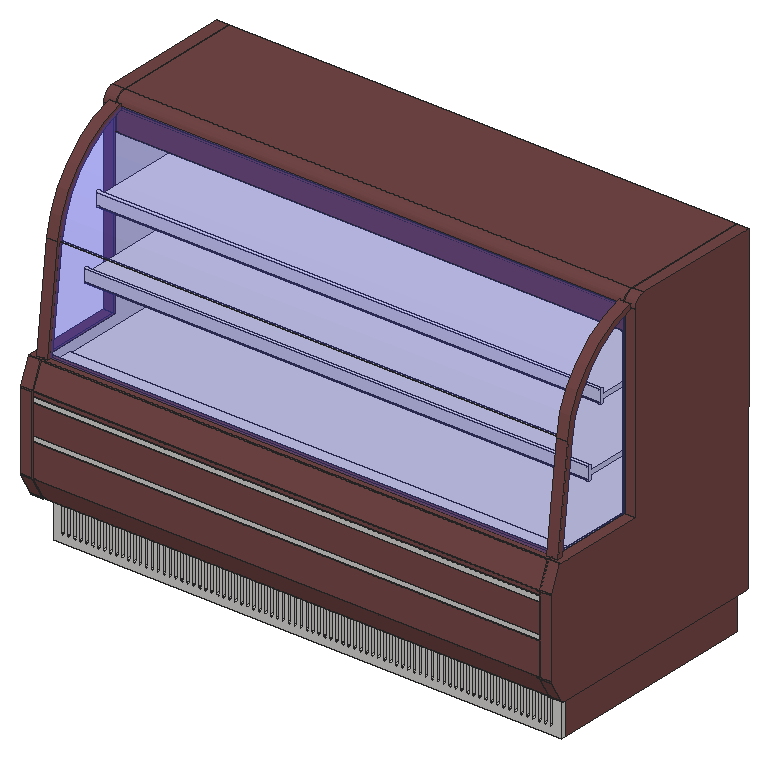
Revit family "QF_Turbo Air_TCGB-72-2", category Specialty Equipment, Revit 2014
Parameters
  Weight in Pounds = 699
  Watermarked By = ""
  Volts = 115 V
  Vent Material = QF_Stainless-Polished
  URL Cutsheet = ""
  URL = "www.turboairinc.com"
  Status [instance] = ""
  Specification by User [instance] = ""
  Specification by Manufacturer [instance] = ""
  Serial Number [instance] = ""
  Revision Code [instance] = ""
  Phase = 1
  Number of Poles [instance] = 1
  NAFEM Spec ID Number [instance] = ""
  Model = "TCGB-72-2"
  Masterspec [instance] = ""
  Manufacturer = "Turbo Air"  # constant formula
  Item Number [instance] = "-"
  Installed By [instance] = ""
  HP = "1/2"
  Furnished By [instance] = ""
  Foodservice Equipment Identifier = yes
  FL Amps = 11 A
  Exterior Material = QF_Plastic-Red Wine
  Electrical Remarks [instance] = ""
  Electric Connection Type [instance] = ""
  Elec Conn RI Height [instance] = 0' - 0"
  Elec Conn Connection Height = 0' - 6"
  Description = "Bakery Case"
  Cycle = 60 Hz
  Conn Plug = "NEMA 5-15P"
  CSI MasterFormat = "11 41 13"
  Assembly Code = "E1090320"
  Apparent Power = if(Phase = 3, Volts * FL Amps * 1.73, Volts * FL Amps)  # 1265 VA
Reference planes (in)
  plane 1 "Handle Back": y = 0
  plane 2: z = 0
  plane 3 "LEFT": x = -16.56573
  plane 4 "RIGHT": x = 55.93427
  plane 5 "FRONT": y = -34.25
  plane 6 "Bottom": z = 0.3125
  plane 7 "Inside Left": x = -14.94073
  plane 8 "Inside Right": x = 54.30927
  plane 9 "BACK": y = -0.75
  plane 10 "Panel Lower": z = 23.25
  plane 11 "Inside Bottom": z = 21.125
  plane 12 "Panel Bottom": z = 6.0625
  plane 13 "TOP": z = 50.125
  plane 14 "Bottom Front": y = -30
  plane 15 "Door Left": x = -13.62823
  plane 16 "Door Right": x = 52.99677
  plane 17 "Lower Shelf": z = 30.6875
  plane 18 "Upper Shelf": z = 39.1875
  plane 19 "Door Top": z = 46.5625
  plane 20 "Door Bottom": z = 22.3125
  plane 21 "CENTER LR": x = 19.68427
Forms (in)
  Extrusion 1, solid, material "QF_Plastic-Red Wine" <- "Exterior Material"
    sketch origin (-16.56573, 0, 0) x (0, 1, 0) y (0, 0, 1)
      loop
        arc (-1.125, 6.0625) -> (-0.85983, 6.17233) -> (-0.75, 6.4375) r 0.375
        line (-0.75, 6.4375) -> (-0.75, 50.125) -> (-18.5, 50.125)
        arc (-18.5, 50.125) -> (-19.56066, 49.68566) -> (-20, 48.625) r 1.5
        line (-20, 48.625) -> (-20, 23.25) -> (-32.77179, 23.25)
        arc (-32.77179, 23.25) -> (-32.8059, 23.23987) -> (-32.82896, 23.21277) r 0.0625
        line (-32.82896, 23.21277) -> (-34.21799, 20.07001)
        arc (-34.21799, 20.07001) -> (-34.24191, 19.99589) -> (-34.25, 19.91842) r 0.375
        line (-34.25, 19.91842) -> (-34.25, 9.41058)
        arc (-34.25, 9.41058) -> (-34.23722, 9.31352) -> (-34.19976, 9.22308) r 0.375
        line (-34.19976, 9.22308) -> (-32.48325, 6.25)
        arc (-32.48325, 6.25) -> (-32.34599, 6.11274) -> (-32.15849, 6.0625) r 0.375
        line (-32.15849, 6.0625) -> (-1.125, 6.0625)
    from 0 to 1.625
  Extrusion 2, solid, material "QF_Plastic-Red Wine" <- "Exterior Material"
    sketch origin (55.93427, 0, 0) x (0, 1, 0) y (0, 0, 1)
      loop
        arc (-1.125, 6.0625) -> (-0.85983, 6.17233) -> (-0.75, 6.4375) r 0.375
        line (-0.75, 6.4375) -> (-0.75, 50.125) -> (-18.5, 50.125)
        arc (-18.5, 50.125) -> (-19.56066, 49.68566) -> (-20, 48.625) r 1.5
        line (-20, 48.625) -> (-20, 23.25) -> (-32.77179, 23.25)
        arc (-32.77179, 23.25) -> (-32.8059, 23.23987) -> (-32.82896, 23.21277) r 0.0625
        line (-32.82896, 23.21277) -> (-34.21799, 20.07001)
        arc (-34.21799, 20.07001) -> (-34.24191, 19.99589) -> (-34.25, 19.91842) r 0.375
        line (-34.25, 19.91842) -> (-34.25, 9.41058)
        arc (-34.25, 9.41058) -> (-34.23722, 9.31352) -> (-34.19976, 9.22308) r 0.375
        line (-34.19976, 9.22308) -> (-32.48325, 6.25)
        arc (-32.48325, 6.25) -> (-32.34599, 6.11274) -> (-32.15849, 6.0625) r 0.375
        line (-32.15849, 6.0625) -> (-1.125, 6.0625)
    from 0 to -1.625
  Extrusion 3, solid, material "QF_Plastic-Red Wine" <- "Exterior Material"
    sketch origin (-14.94073, 0, 0) x (0, 1, 0) y (0, 0, 1)
      loop
        line (-31.625, 23.25) -> (-29.95691, 36.83548)
        arc (-29.95691, 36.83548) -> (-26.72363, 44.11107) -> (-20, 48.375) r 13.75
        line (-20, 48.375) -> (-20, 48.625)
        arc (-20, 48.625) -> (-19.97988, 48.86988) -> (-19.92004, 49.10819) r 1.5
        arc (-19.92004, 49.10819) -> (-27.15455, 44.66306) -> (-30.63919, 36.92003) r 14.4375
        line (-30.63919, 36.92003) -> (-32.31766, 23.25) -> (-31.625, 23.25)
    from -0.875 to 0.625
  Extrusion 4, solid, material "QF_Plastic-Red Wine" <- "Exterior Material"
    sketch origin (54.30927, 0, 0) x (0, 1, 0) y (0, 0, 1)
      loop
        line (-31.625, 23.25) -> (-29.95691, 36.83548)
        arc (-29.95691, 36.83548) -> (-26.72363, 44.11107) -> (-20, 48.375) r 13.75
        line (-20, 48.375) -> (-20, 48.625)
        arc (-20, 48.625) -> (-19.97988, 48.86988) -> (-19.92004, 49.10819) r 1.5
        arc (-19.92004, 49.10819) -> (-27.15455, 44.66306) -> (-30.63919, 36.92003) r 14.4375
        line (-30.63919, 36.92003) -> (-32.31766, 23.25) -> (-31.625, 23.25)
    from 0.875 to -0.625
  Extrusion 5, solid, material "QF_Glass-Cast-Clear"
    sketch origin (-14.94073, 0, 0) x (0, 1, 0) y (0, 0, 1)
      loop
        arc (-20, 48.375) -> (-26.72363, 44.11107) -> (-29.95691, 36.83548) r 13.75
        line (-29.95691, 36.83548) -> (-31.625, 23.25) -> (-20, 23.25) -> (-20, 48.375)
    from 0 to -0.25
  Extrusion 6, solid, material "QF_Glass-Cast-Clear"
    sketch origin (54.30927, 0, 0) x (0, 1, 0) y (0, 0, 1)
      loop
        arc (-20, 48.375) -> (-26.72363, 44.11107) -> (-29.95691, 36.83548) r 13.75
        line (-29.95691, 36.83548) -> (-31.625, 23.25) -> (-20, 23.25) -> (-20, 48.375)
    from 0 to 0.25
  Extrusion 7, solid, material "QF_Plastic-Red Wine" <- "Exterior Material"
    sketch origin (-14.94073, 0, 0) x (0, 1, 0) y (0, 0, 1)
      loop
        line (-0.75, 50.125) -> (-18.5, 50.125)
        arc (-18.5, 50.125) -> (-19.56066, 49.68566) -> (-20, 48.625) r 1.5
        line (-20, 48.625) -> (-20, 45.5)
        arc (-20, 45.5) -> (-19.9375, 45.4375) -> (-19.875, 45.5) r 0.0625
        line (-19.875, 45.5) -> (-19.875, 48.625)
        arc (-19.875, 48.625) -> (-19.81819, 49.01616) -> (-19.65244, 49.375) r 1.375
        line (-19.65244, 49.375) -> (-3.125, 49.375) -> (-3.125, 46.5625) -> (-0.75, 46.5625) -> (-0.75, 50.125)
      loop
        line (-0.75, 14.3125) -> (-0.75, 22.3125) -> (-3.125, 22.3125) -> (-3.125, 14.3125) -> (-0.75, 14.3125)
    from 0 to 69.25
  Extrusion 8, solid, material "QF_Plastic-Red Wine" <- "Exterior Material"
    sketch origin (0, 0, 0.3125) x (0, 1, 0) y (-1, 0, 0)
      loop
        line (-0.75, 14.94073) -> (-30, 14.94073) -> (-30, -54.30927) -> (-0.75, -54.30927) -> (-0.75, 14.94073)
      loop
        line (-29.75, 14.69073) -> (-29.75, -54.05927) -> (-1, -54.05927) -> (-1, 14.69073) -> (-29.75, 14.69073)
    from 0 to 14
  Extrusion 9, solid, material "QF_Plastic-Red Wine" <- "Exterior Material"
    sketch origin (0, 0, 0.3125) x (0, 1, 0) y (-1, 0, 0)
      loop
        line (-29.75, -54.05927) -> (-1, -54.05927) -> (-1, 14.69073) -> (-29.75, 14.69073) -> (-29.75, -54.05927)
    from 0 to 0.25
  Extrusion 10, solid, material "QF_Stainless-Polished" <- "Vent Material"
    sketch origin (0, -30, 0) x (1, 0, 0) y (0, 0, 1)
      loop
        line (-14.94073, 6.1875) -> (-14.94073, 0.3125) -> (54.30927, 0.3125) -> (54.30927, 6.1875) -> (-14.94073, 6.1875)
    from 0 to 0.5625
  Extrusion 11, void
    sketch origin (0, -30, 0) x (1, 0, 0) y (0, 0, 1)
      loop
        arc (19.49677, 1.5625) -> (19.68427, 1.375) -> (19.87177, 1.5625) r 0.1875
        line (19.87177, 1.5625) -> (19.87177, 5.125)
        arc (19.87177, 5.125) -> (19.68427, 5.3125) -> (19.49677, 5.125) r 0.1875
        line (19.49677, 5.125) -> (19.49677, 1.5625)
      loop
        line (34.49677, 1.5625) -> (34.49677, 5.125)
        arc (34.49677, 5.125) -> (34.30927, 5.3125) -> (34.12177, 5.125) r 0.1875
        line (34.12177, 5.125) -> (34.12177, 1.5625)
        arc (34.12177, 1.5625) -> (34.30927, 1.375) -> (34.49677, 1.5625) r 0.1875
      loop
        line (33.68427, 1.5625) -> (33.68427, 5.125)
        arc (33.68427, 5.125) -> (33.49677, 5.3125) -> (33.30927, 5.125) r 0.1875
        line (33.30927, 5.125) -> (33.30927, 1.5625)
        arc (33.30927, 1.5625) -> (33.49677, 1.375) -> (33.68427, 1.5625) r 0.1875
      loop
        line (32.87177, 1.5625) -> (32.87177, 5.125)
        arc (32.87177, 5.125) -> (32.68427, 5.3125) -> (32.49677, 5.125) r 0.1875
        line (32.49677, 5.125) -> (32.49677, 1.5625)
        arc (32.49677, 1.5625) -> (32.68427, 1.375) -> (32.87177, 1.5625) r 0.1875
      loop
        line (32.05927, 1.5625) -> (32.05927, 5.125)
        arc (32.05927, 5.125) -> (31.87177, 5.3125) -> (31.68427, 5.125) r 0.1875
        line (31.68427, 5.125) -> (31.68427, 1.5625)
        arc (31.68427, 1.5625) -> (31.87177, 1.375) -> (32.05927, 1.5625) r 0.1875
      loop
        line (31.24677, 1.5625) -> (31.24677, 5.125)
        arc (31.24677, 5.125) -> (31.05927, 5.3125) -> (30.87177, 5.125) r 0.1875
        line (30.87177, 5.125) -> (30.87177, 1.5625)
        arc (30.87177, 1.5625) -> (31.05927, 1.375) -> (31.24677, 1.5625) r 0.1875
      loop
        line (30.43427, 1.5625) -> (30.43427, 5.125)
        arc (30.43427, 5.125) -> (30.24677, 5.3125) -> (30.05927, 5.125) r 0.1875
        line (30.05927, 5.125) -> (30.05927, 1.5625)
        arc (30.05927, 1.5625) -> (30.24677, 1.375) -> (30.43427, 1.5625) r 0.1875
      loop
        line (29.62177, 1.5625) -> (29.62177, 5.125)
        arc (29.62177, 5.125) -> (29.43427, 5.3125) -> (29.24677, 5.125) r 0.1875
        line (29.24677, 5.125) -> (29.24677, 1.5625)
        arc (29.24677, 1.5625) -> (29.43427, 1.375) -> (29.62177, 1.5625) r 0.1875
      loop
        line (28.80927, 1.5625) -> (28.80927, 5.125)
        arc (28.80927, 5.125) -> (28.62177, 5.3125) -> (28.43427, 5.125) r 0.1875
        line (28.43427, 5.125) -> (28.43427, 1.5625)
        arc (28.43427, 1.5625) -> (28.62177, 1.375) -> (28.80927, 1.5625) r 0.1875
      loop
        line (27.99677, 1.5625) -> (27.99677, 5.125)
        arc (27.99677, 5.125) -> (27.80927, 5.3125) -> (27.62177, 5.125) r 0.1875
        line (27.62177, 5.125) -> (27.62177, 1.5625)
        arc (27.62177, 1.5625) -> (27.80927, 1.375) -> (27.99677, 1.5625) r 0.1875
      loop
        line (27.18427, 1.5625) -> (27.18427, 5.125)
        arc (27.18427, 5.125) -> (26.99677, 5.3125) -> (26.80927, 5.125) r 0.1875
        line (26.80927, 5.125) -> (26.80927, 1.5625)
        arc (26.80927, 1.5625) -> (26.99677, 1.375) -> (27.18427, 1.5625) r 0.1875
      loop
        line (26.37177, 1.5625) -> (26.37177, 5.125)
        arc (26.37177, 5.125) -> (26.18427, 5.3125) -> (25.99677, 5.125) r 0.1875
        line (25.99677, 5.125) -> (25.99677, 1.5625)
        arc (25.99677, 1.5625) -> (26.18427, 1.375) -> (26.37177, 1.5625) r 0.1875
      loop
        line (25.55927, 1.5625) -> (25.55927, 5.125)
        arc (25.55927, 5.125) -> (25.37177, 5.3125) -> (25.18427, 5.125) r 0.1875
        line (25.18427, 5.125) -> (25.18427, 1.5625)
        arc (25.18427, 1.5625) -> (25.37177, 1.375) -> (25.55927, 1.5625) r 0.1875
      loop
        line (24.74677, 1.5625) -> (24.74677, 5.125)
        arc (24.74677, 5.125) -> (24.55927, 5.3125) -> (24.37177, 5.125) r 0.1875
        line (24.37177, 5.125) -> (24.37177, 1.5625)
        arc (24.37177, 1.5625) -> (24.55927, 1.375) -> (24.74677, 1.5625) r 0.1875
      loop
        line (23.93427, 1.5625) -> (23.93427, 5.125)
        arc (23.93427, 5.125) -> (23.74677, 5.3125) -> (23.55927, 5.125) r 0.1875
        line (23.55927, 5.125) -> (23.55927, 1.5625)
        arc (23.55927, 1.5625) -> (23.74677, 1.375) -> (23.93427, 1.5625) r 0.1875
      loop
        line (23.12177, 1.5625) -> (23.12177, 5.125)
        arc (23.12177, 5.125) -> (22.93427, 5.3125) -> (22.74677, 5.125) r 0.1875
        line (22.74677, 5.125) -> (22.74677, 1.5625)
        arc (22.74677, 1.5625) -> (22.93427, 1.375) -> (23.12177, 1.5625) r 0.1875
      loop
        line (22.30927, 1.5625) -> (22.30927, 5.125)
        arc (22.30927, 5.125) -> (22.12177, 5.3125) -> (21.93427, 5.125) r 0.1875
        line (21.93427, 5.125) -> (21.93427, 1.5625)
        arc (21.93427, 1.5625) -> (22.12177, 1.375) -> (22.30927, 1.5625) r 0.1875
      loop
        line (21.49677, 1.5625) -> (21.49677, 5.125)
        arc (21.49677, 5.125) -> (21.30927, 5.3125) -> (21.12177, 5.125) r 0.1875
        line (21.12177, 5.125) -> (21.12177, 1.5625)
        arc (21.12177, 1.5625) -> (21.30927, 1.375) -> (21.49677, 1.5625) r 0.1875
      loop
        line (20.68427, 1.5625) -> (20.68427, 5.125)
        arc (20.68427, 5.125) -> (20.49677, 5.3125) -> (20.30927, 5.125) r 0.1875
        line (20.30927, 5.125) -> (20.30927, 1.5625)
        arc (20.30927, 1.5625) -> (20.49677, 1.375) -> (20.68427, 1.5625) r 0.1875
      loop
        line (40.18427, 1.5625) -> (40.18427, 5.125)
        arc (40.18427, 5.125) -> (39.99677, 5.3125) -> (39.80927, 5.125) r 0.1875
        line (39.80927, 5.125) -> (39.80927, 1.5625)
        arc (39.80927, 1.5625) -> (39.99677, 1.375) -> (40.18427, 1.5625) r 0.1875
      loop
        line (39.37177, 1.5625) -> (39.37177, 5.125)
        arc (39.37177, 5.125) -> (39.18427, 5.3125) -> (38.99677, 5.125) r 0.1875
        line (38.99677, 5.125) -> (38.99677, 1.5625)
        arc (38.99677, 1.5625) -> (39.18427, 1.375) -> (39.37177, 1.5625) r 0.1875
      loop
        line (38.55927, 1.5625) -> (38.55927, 5.125)
        arc (38.55927, 5.125) -> (38.37177, 5.3125) -> (38.18427, 5.125) r 0.1875
        line (38.18427, 5.125) -> (38.18427, 1.5625)
        arc (38.18427, 1.5625) -> (38.37177, 1.375) -> (38.55927, 1.5625) r 0.1875
      loop
        line (37.74677, 1.5625) -> (37.74677, 5.125)
        arc (37.74677, 5.125) -> (37.55927, 5.3125) -> (37.37177, 5.125) r 0.1875
        line (37.37177, 5.125) -> (37.37177, 1.5625)
        arc (37.37177, 1.5625) -> (37.55927, 1.375) -> (37.74677, 1.5625) r 0.1875
      loop
        line (36.93427, 1.5625) -> (36.93427, 5.125)
        arc (36.93427, 5.125) -> (36.74677, 5.3125) -> (36.55927, 5.125) r 0.1875
        line (36.55927, 5.125) -> (36.55927, 1.5625)
        arc (36.55927, 1.5625) -> (36.74677, 1.375) -> (36.93427, 1.5625) r 0.1875
      loop
        line (36.12177, 1.5625) -> (36.12177, 5.125)
        arc (36.12177, 5.125) -> (35.93427, 5.3125) -> (35.74677, 5.125) r 0.1875
        line (35.74677, 5.125) -> (35.74677, 1.5625)
        arc (35.74677, 1.5625) -> (35.93427, 1.375) -> (36.12177, 1.5625) r 0.1875
      loop
        line (35.30927, 1.5625) -> (35.30927, 5.125)
        arc (35.30927, 5.125) -> (35.12177, 5.3125) -> (34.93427, 5.125) r 0.1875
        line (34.93427, 5.125) -> (34.93427, 1.5625)
        arc (34.93427, 1.5625) -> (35.12177, 1.375) -> (35.30927, 1.5625) r 0.1875
      loop
        line (41.80927, 1.5625) -> (41.80927, 5.125)
        arc (41.80927, 5.125) -> (41.62177, 5.3125) -> (41.43427, 5.125) r 0.1875
        line (41.43427, 5.125) -> (41.43427, 1.5625)
        arc (41.43427, 1.5625) -> (41.62177, 1.375) -> (41.80927, 1.5625) r 0.1875
      loop
        line (40.99677, 1.5625) -> (40.99677, 5.125)
        arc (40.99677, 5.125) -> (40.80927, 5.3125) -> (40.62177, 5.125) r 0.1875
        line (40.62177, 5.125) -> (40.62177, 1.5625)
        arc (40.62177, 1.5625) -> (40.80927, 1.375) -> (40.99677, 1.5625) r 0.1875
      loop
        line (46.68427, 1.5625) -> (46.68427, 5.125)
        arc (46.68427, 5.125) -> (46.49677, 5.3125) -> (46.30927, 5.125) r 0.1875
        line (46.30927, 5.125) -> (46.30927, 1.5625)
        arc (46.30927, 1.5625) -> (46.49677, 1.375) -> (46.68427, 1.5625) r 0.1875
      loop
        line (45.87177, 1.5625) -> (45.87177, 5.125)
        arc (45.87177, 5.125) -> (45.68427, 5.3125) -> (45.49677, 5.125) r 0.1875
        line (45.49677, 5.125) -> (45.49677, 1.5625)
        arc (45.49677, 1.5625) -> (45.68427, 1.375) -> (45.87177, 1.5625) r 0.1875
      loop
        line (45.05927, 1.5625) -> (45.05927, 5.125)
        arc (45.05927, 5.125) -> (44.87177, 5.3125) -> (44.68427, 5.125) r 0.1875
        line (44.68427, 5.125) -> (44.68427, 1.5625)
        arc (44.68427, 1.5625) -> (44.87177, 1.375) -> (45.05927, 1.5625) r 0.1875
      loop
        line (44.24677, 1.5625) -> (44.24677, 5.125)
        arc (44.24677, 5.125) -> (44.05927, 5.3125) -> (43.87177, 5.125) r 0.1875
        line (43.87177, 5.125) -> (43.87177, 1.5625)
        arc (43.87177, 1.5625) -> (44.05927, 1.375) -> (44.24677, 1.5625) r 0.1875
      loop
        line (43.43427, 1.5625) -> (43.43427, 5.125)
        arc (43.43427, 5.125) -> (43.24677, 5.3125) -> (43.05927, 5.125) r 0.1875
        line (43.05927, 5.125) -> (43.05927, 1.5625)
        arc (43.05927, 1.5625) -> (43.24677, 1.375) -> (43.43427, 1.5625) r 0.1875
      loop
        line (42.62177, 1.5625) -> (42.62177, 5.125)
        arc (42.62177, 5.125) -> (42.43427, 5.3125) -> (42.24677, 5.125) r 0.1875
        line (42.24677, 5.125) -> (42.24677, 1.5625)
        arc (42.24677, 1.5625) -> (42.43427, 1.375) -> (42.62177, 1.5625) r 0.1875
      loop
        line (47.49677, 1.5625) -> (47.49677, 5.125)
        arc (47.49677, 5.125) -> (47.30927, 5.3125) -> (47.12177, 5.125) r 0.1875
        line (47.12177, 5.125) -> (47.12177, 1.5625)
        arc (47.12177, 1.5625) -> (47.30927, 1.375) -> (47.49677, 1.5625) r 0.1875
      loop
        line (49.12177, 1.5625) -> (49.12177, 5.125)
        arc (49.12177, 5.125) -> (48.93427, 5.3125) -> (48.74677, 5.125) r 0.1875
        line (48.74677, 5.125) -> (48.74677, 1.5625)
        arc (48.74677, 1.5625) -> (48.93427, 1.375) -> (49.12177, 1.5625) r 0.1875
      loop
        line (48.30927, 1.5625) -> (48.30927, 5.125)
        arc (48.30927, 5.125) -> (48.12177, 5.3125) -> (47.93427, 5.125) r 0.1875
        line (47.93427, 5.125) -> (47.93427, 1.5625)
        arc (47.93427, 1.5625) -> (48.12177, 1.375) -> (48.30927, 1.5625) r 0.1875
      loop
        line (53.18427, 1.5625) -> (53.18427, 5.125)
        arc (53.18427, 5.125) -> (52.99677, 5.3125) -> (52.80927, 5.125) r 0.1875
        line (52.80927, 5.125) -> (52.80927, 1.5625)
        arc (52.80927, 1.5625) -> (52.99677, 1.375) -> (53.18427, 1.5625) r 0.1875
      loop
        line (52.37177, 1.5625) -> (52.37177, 5.125)
        arc (52.37177, 5.125) -> (52.18427, 5.3125) -> (51.99677, 5.125) r 0.1875
        line (51.99677, 5.125) -> (51.99677, 1.5625)
        arc (51.99677, 1.5625) -> (52.18427, 1.375) -> (52.37177, 1.5625) r 0.1875
      loop
        line (51.55927, 1.5625) -> (51.55927, 5.125)
        arc (51.55927, 5.125) -> (51.37177, 5.3125) -> (51.18427, 5.125) r 0.1875
        line (51.18427, 5.125) -> (51.18427, 1.5625)
        arc (51.18427, 1.5625) -> (51.37177, 1.375) -> (51.55927, 1.5625) r 0.1875
      loop
        line (50.74677, 1.5625) -> (50.74677, 5.125)
        arc (50.74677, 5.125) -> (50.55927, 5.3125) -> (50.37177, 5.125) r 0.1875
        line (50.37177, 5.125) -> (50.37177, 1.5625)
        arc (50.37177, 1.5625) -> (50.55927, 1.375) -> (50.74677, 1.5625) r 0.1875
      loop
        line (49.93427, 1.5625) -> (49.93427, 5.125)
        arc (49.93427, 5.125) -> (49.74677, 5.3125) -> (49.55927, 5.125) r 0.1875
        line (49.55927, 5.125) -> (49.55927, 1.5625)
        arc (49.55927, 1.5625) -> (49.74677, 1.375) -> (49.93427, 1.5625) r 0.1875
      loop
        arc (4.87177, 1.5625) -> (5.05927, 1.375) -> (5.24677, 1.5625) r 0.1875
        line (5.24677, 1.5625) -> (5.24677, 5.125)
        arc (5.24677, 5.125) -> (5.05927, 5.3125) -> (4.87177, 5.125) r 0.1875
        line (4.87177, 5.125) -> (4.87177, 1.5625)
      loop
        arc (5.68427, 1.5625) -> (5.87177, 1.375) -> (6.05927, 1.5625) r 0.1875
        line (6.05927, 1.5625) -> (6.05927, 5.125)
        arc (6.05927, 5.125) -> (5.87177, 5.3125) -> (5.68427, 5.125) r 0.1875
        line (5.68427, 5.125) -> (5.68427, 1.5625)
      loop
        arc (6.49677, 1.5625) -> (6.68427, 1.375) -> (6.87177, 1.5625) r 0.1875
        line (6.87177, 1.5625) -> (6.87177, 5.125)
        arc (6.87177, 5.125) -> (6.68427, 5.3125) -> (6.49677, 5.125) r 0.1875
        line (6.49677, 5.125) -> (6.49677, 1.5625)
      loop
        arc (7.30927, 1.5625) -> (7.49677, 1.375) -> (7.68427, 1.5625) r 0.1875
        line (7.68427, 1.5625) -> (7.68427, 5.125)
        arc (7.68427, 5.125) -> (7.49677, 5.3125) -> (7.30927, 5.125) r 0.1875
        line (7.30927, 5.125) -> (7.30927, 1.5625)
      loop
        arc (8.12177, 1.5625) -> (8.30927, 1.375) -> (8.49677, 1.5625) r 0.1875
        line (8.49677, 1.5625) -> (8.49677, 5.125)
        arc (8.49677, 5.125) -> (8.30927, 5.3125) -> (8.12177, 5.125) r 0.1875
        line (8.12177, 5.125) -> (8.12177, 1.5625)
      loop
        arc (8.93427, 1.5625) -> (9.12177, 1.375) -> (9.30927, 1.5625) r 0.1875
        line (9.30927, 1.5625) -> (9.30927, 5.125)
        arc (9.30927, 5.125) -> (9.12177, 5.3125) -> (8.93427, 5.125) r 0.1875
        line (8.93427, 5.125) -> (8.93427, 1.5625)
      loop
        arc (9.74677, 1.5625) -> (9.93427, 1.375) -> (10.12177, 1.5625) r 0.1875
        line (10.12177, 1.5625) -> (10.12177, 5.125)
        arc (10.12177, 5.125) -> (9.93427, 5.3125) -> (9.74677, 5.125) r 0.1875
        line (9.74677, 5.125) -> (9.74677, 1.5625)
      loop
        arc (10.55927, 1.5625) -> (10.74677, 1.375) -> (10.93427, 1.5625) r 0.1875
        line (10.93427, 1.5625) -> (10.93427, 5.125)
        arc (10.93427, 5.125) -> (10.74677, 5.3125) -> (10.55927, 5.125) r 0.1875
        line (10.55927, 5.125) -> (10.55927, 1.5625)
      loop
        arc (11.37177, 1.5625) -> (11.55927, 1.375) -> (11.74677, 1.5625) r 0.1875
        line (11.74677, 1.5625) -> (11.74677, 5.125)
        arc (11.74677, 5.125) -> (11.55927, 5.3125) -> (11.37177, 5.125) r 0.1875
        line (11.37177, 5.125) -> (11.37177, 1.5625)
      loop
        arc (12.18427, 1.5625) -> (12.37177, 1.375) -> (12.55927, 1.5625) r 0.1875
        line (12.55927, 1.5625) -> (12.55927, 5.125)
        arc (12.55927, 5.125) -> (12.37177, 5.3125) -> (12.18427, 5.125) r 0.1875
        line (12.18427, 5.125) -> (12.18427, 1.5625)
      loop
        arc (12.99677, 1.5625) -> (13.18427, 1.375) -> (13.37177, 1.5625) r 0.1875
        line (13.37177, 1.5625) -> (13.37177, 5.125)
        arc (13.37177, 5.125) -> (13.18427, 5.3125) -> (12.99677, 5.125) r 0.1875
        line (12.99677, 5.125) -> (12.99677, 1.5625)
      loop
        arc (13.80927, 1.5625) -> (13.99677, 1.375) -> (14.18427, 1.5625) r 0.1875
        line (14.18427, 1.5625) -> (14.18427, 5.125)
        arc (14.18427, 5.125) -> (13.99677, 5.3125) -> (13.80927, 5.125) r 0.1875
        line (13.80927, 5.125) -> (13.80927, 1.5625)
      loop
        arc (14.62177, 1.5625) -> (14.80927, 1.375) -> (14.99677, 1.5625) r 0.1875
        line (14.99677, 1.5625) -> (14.99677, 5.125)
        arc (14.99677, 5.125) -> (14.80927, 5.3125) -> (14.62177, 5.125) r 0.1875
        line (14.62177, 5.125) -> (14.62177, 1.5625)
      loop
        arc (15.43427, 1.5625) -> (15.62177, 1.375) -> (15.80927, 1.5625) r 0.1875
        line (15.80927, 1.5625) -> (15.80927, 5.125)
        arc (15.80927, 5.125) -> (15.62177, 5.3125) -> (15.43427, 5.125) r 0.1875
        line (15.43427, 5.125) -> (15.43427, 1.5625)
      loop
        arc (16.24677, 1.5625) -> (16.43427, 1.375) -> (16.62177, 1.5625) r 0.1875
        line (16.62177, 1.5625) -> (16.62177, 5.125)
        arc (16.62177, 5.125) -> (16.43427, 5.3125) -> (16.24677, 5.125) r 0.1875
        line (16.24677, 5.125) -> (16.24677, 1.5625)
      loop
        arc (17.05927, 1.5625) -> (17.24677, 1.375) -> (17.43427, 1.5625) r 0.1875
        line (17.43427, 1.5625) -> (17.43427, 5.125)
        arc (17.43427, 5.125) -> (17.24677, 5.3125) -> (17.05927, 5.125) r 0.1875
        line (17.05927, 5.125) -> (17.05927, 1.5625)
      loop
        arc (17.87177, 1.5625) -> (18.05927, 1.375) -> (18.24677, 1.5625) r 0.1875
        line (18.24677, 1.5625) -> (18.24677, 5.125)
        arc (18.24677, 5.125) -> (18.05927, 5.3125) -> (17.87177, 5.125) r 0.1875
        line (17.87177, 5.125) -> (17.87177, 1.5625)
      loop
        arc (18.68427, 1.5625) -> (18.87177, 1.375) -> (19.05927, 1.5625) r 0.1875
        line (19.05927, 1.5625) -> (19.05927, 5.125)
        arc (19.05927, 5.125) -> (18.87177, 5.3125) -> (18.68427, 5.125) r 0.1875
        line (18.68427, 5.125) -> (18.68427, 1.5625)
      loop
        arc (-0.81573, 1.5625) -> (-0.62823, 1.375) -> (-0.44073, 1.5625) r 0.1875
        line (-0.44073, 1.5625) -> (-0.44073, 5.125)
        arc (-0.44073, 5.125) -> (-0.62823, 5.3125) -> (-0.81573, 5.125) r 0.1875
        line (-0.81573, 5.125) -> (-0.81573, 1.5625)
      loop
        arc (-0.00323, 1.5625) -> (0.18427, 1.375) -> (0.37177, 1.5625) r 0.1875
        line (0.37177, 1.5625) -> (0.37177, 5.125)
        arc (0.37177, 5.125) -> (0.18427, 5.3125) -> (-0.00323, 5.125) r 0.1875
        line (-0.00323, 5.125) -> (-0.00323, 1.5625)
      loop
        arc (0.80927, 1.5625) -> (0.99677, 1.375) -> (1.18427, 1.5625) r 0.1875
        line (1.18427, 1.5625) -> (1.18427, 5.125)
        arc (1.18427, 5.125) -> (0.99677, 5.3125) -> (0.80927, 5.125) r 0.1875
        line (0.80927, 5.125) -> (0.80927, 1.5625)
      loop
        arc (1.62177, 1.5625) -> (1.80927, 1.375) -> (1.99677, 1.5625) r 0.1875
        line (1.99677, 1.5625) -> (1.99677, 5.125)
        arc (1.99677, 5.125) -> (1.80927, 5.3125) -> (1.62177, 5.125) r 0.1875
        line (1.62177, 5.125) -> (1.62177, 1.5625)
      loop
        arc (2.43427, 1.5625) -> (2.62177, 1.375) -> (2.80927, 1.5625) r 0.1875
        line (2.80927, 1.5625) -> (2.80927, 5.125)
        arc (2.80927, 5.125) -> (2.62177, 5.3125) -> (2.43427, 5.125) r 0.1875
        line (2.43427, 5.125) -> (2.43427, 1.5625)
      loop
        arc (3.24677, 1.5625) -> (3.43427, 1.375) -> (3.62177, 1.5625) r 0.1875
        line (3.62177, 1.5625) -> (3.62177, 5.125)
        arc (3.62177, 5.125) -> (3.43427, 5.3125) -> (3.24677, 5.125) r 0.1875
        line (3.24677, 5.125) -> (3.24677, 1.5625)
      loop
        arc (4.05927, 1.5625) -> (4.24677, 1.375) -> (4.43427, 1.5625) r 0.1875
        line (4.43427, 1.5625) -> (4.43427, 5.125)
        arc (4.43427, 5.125) -> (4.24677, 5.3125) -> (4.05927, 5.125) r 0.1875
        line (4.05927, 5.125) -> (4.05927, 1.5625)
      loop
        arc (-2.44073, 1.5625) -> (-2.25323, 1.375) -> (-2.06573, 1.5625) r 0.1875
        line (-2.06573, 1.5625) -> (-2.06573, 5.125)
        arc (-2.06573, 5.125) -> (-2.25323, 5.3125) -> (-2.44073, 5.125) r 0.1875
        line (-2.44073, 5.125) -> (-2.44073, 1.5625)
      loop
        arc (-1.62823, 1.5625) -> (-1.44073, 1.375) -> (-1.25323, 1.5625) r 0.1875
        line (-1.25323, 1.5625) -> (-1.25323, 5.125)
        arc (-1.25323, 5.125) -> (-1.44073, 5.3125) -> (-1.62823, 5.125) r 0.1875
        line (-1.62823, 5.125) -> (-1.62823, 1.5625)
      loop
        arc (-7.31573, 1.5625) -> (-7.12823, 1.375) -> (-6.94073, 1.5625) r 0.1875
        line (-6.94073, 1.5625) -> (-6.94073, 5.125)
        arc (-6.94073, 5.125) -> (-7.12823, 5.3125) -> (-7.31573, 5.125) r 0.1875
        line (-7.31573, 5.125) -> (-7.31573, 1.5625)
      loop
        arc (-6.50323, 1.5625) -> (-6.31573, 1.375) -> (-6.12823, 1.5625) r 0.1875
        line (-6.12823, 1.5625) -> (-6.12823, 5.125)
        arc (-6.12823, 5.125) -> (-6.31573, 5.3125) -> (-6.50323, 5.125) r 0.1875
        line (-6.50323, 5.125) -> (-6.50323, 1.5625)
      loop
        arc (-5.69073, 1.5625) -> (-5.50323, 1.375) -> (-5.31573, 1.5625) r 0.1875
        line (-5.31573, 1.5625) -> (-5.31573, 5.125)
        arc (-5.31573, 5.125) -> (-5.50323, 5.3125) -> (-5.69073, 5.125) r 0.1875
        line (-5.69073, 5.125) -> (-5.69073, 1.5625)
      loop
        arc (-4.87823, 1.5625) -> (-4.69073, 1.375) -> (-4.50323, 1.5625) r 0.1875
        line (-4.50323, 1.5625) -> (-4.50323, 5.125)
        arc (-4.50323, 5.125) -> (-4.69073, 5.3125) -> (-4.87823, 5.125) r 0.1875
        line (-4.87823, 5.125) -> (-4.87823, 1.5625)
      loop
        arc (-4.06573, 1.5625) -> (-3.87823, 1.375) -> (-3.69073, 1.5625) r 0.1875
        line (-3.69073, 1.5625) -> (-3.69073, 5.125)
        arc (-3.69073, 5.125) -> (-3.87823, 5.3125) -> (-4.06573, 5.125) r 0.1875
        line (-4.06573, 5.125) -> (-4.06573, 1.5625)
      loop
        arc (-3.25323, 1.5625) -> (-3.06573, 1.375) -> (-2.87823, 1.5625) r 0.1875
        line (-2.87823, 1.5625) -> (-2.87823, 5.125)
        arc (-2.87823, 5.125) -> (-3.06573, 5.3125) -> (-3.25323, 5.125) r 0.1875
        line (-3.25323, 5.125) -> (-3.25323, 1.5625)
      loop
        arc (-8.12823, 1.5625) -> (-7.94073, 1.375) -> (-7.75323, 1.5625) r 0.1875
        line (-7.75323, 1.5625) -> (-7.75323, 5.125)
        arc (-7.75323, 5.125) -> (-7.94073, 5.3125) -> (-8.12823, 5.125) r 0.1875
        line (-8.12823, 5.125) -> (-8.12823, 1.5625)
      loop
        arc (-9.75323, 1.5625) -> (-9.56573, 1.375) -> (-9.37823, 1.5625) r 0.1875
        line (-9.37823, 1.5625) -> (-9.37823, 5.125)
        arc (-9.37823, 5.125) -> (-9.56573, 5.3125) -> (-9.75323, 5.125) r 0.1875
        line (-9.75323, 5.125) -> (-9.75323, 1.5625)
      loop
        arc (-8.94073, 1.5625) -> (-8.75323, 1.375) -> (-8.56573, 1.5625) r 0.1875
        line (-8.56573, 1.5625) -> (-8.56573, 5.125)
        arc (-8.56573, 5.125) -> (-8.75323, 5.3125) -> (-8.94073, 5.125) r 0.1875
        line (-8.94073, 5.125) -> (-8.94073, 1.5625)
      loop
        arc (-13.81573, 1.5625) -> (-13.62823, 1.375) -> (-13.44073, 1.5625) r 0.1875
        line (-13.44073, 1.5625) -> (-13.44073, 5.125)
        arc (-13.44073, 5.125) -> (-13.62823, 5.3125) -> (-13.81573, 5.125) r 0.1875
        line (-13.81573, 5.125) -> (-13.81573, 1.5625)
      loop
        arc (-13.00323, 1.5625) -> (-12.81573, 1.375) -> (-12.62823, 1.5625) r 0.1875
        line (-12.62823, 1.5625) -> (-12.62823, 5.125)
        arc (-12.62823, 5.125) -> (-12.81573, 5.3125) -> (-13.00323, 5.125) r 0.1875
        line (-13.00323, 5.125) -> (-13.00323, 1.5625)
      loop
        arc (-12.19073, 1.5625) -> (-12.00323, 1.375) -> (-11.81573, 1.5625) r 0.1875
        line (-11.81573, 1.5625) -> (-11.81573, 5.125)
        arc (-11.81573, 5.125) -> (-12.00323, 5.3125) -> (-12.19073, 5.125) r 0.1875
        line (-12.19073, 5.125) -> (-12.19073, 1.5625)
      loop
        arc (-11.37823, 1.5625) -> (-11.19073, 1.375) -> (-11.00323, 1.5625) r 0.1875
        line (-11.00323, 1.5625) -> (-11.00323, 5.125)
        arc (-11.00323, 5.125) -> (-11.19073, 5.3125) -> (-11.37823, 5.125) r 0.1875
        line (-11.37823, 5.125) -> (-11.37823, 1.5625)
      loop
        arc (-10.56573, 1.5625) -> (-10.37823, 1.375) -> (-10.19073, 1.5625) r 0.1875
        line (-10.19073, 1.5625) -> (-10.19073, 5.125)
        arc (-10.19073, 5.125) -> (-10.37823, 5.3125) -> (-10.56573, 5.125) r 0.1875
        line (-10.56573, 5.125) -> (-10.56573, 1.5625)
    from -0.25 to 0.5625
  Extrusion 12, solid, material "QF_Plastic-Red Wine" <- "Exterior Material"
    sketch origin (-14.94073, 0, 0) x (0, 1, 0) y (0, 0, 1)
      loop
        line (-0.75, 46.5625) -> (-3.125, 46.5625) -> (-3.125, 22.3125) -> (-0.75, 22.3125) -> (-0.75, 46.5625)
    from 0 to 1.3125
  Extrusion 13, solid, material "QF_Plastic-Red Wine" <- "Exterior Material"
    sketch origin (54.30927, 0, 0) x (0, 1, 0) y (0, 0, 1)
      loop
        line (-0.75, 46.5625) -> (-3.125, 46.5625) -> (-3.125, 22.3125) -> (-0.75, 22.3125) -> (-0.75, 46.5625)
    from 0 to -1.3125
  Extrusion 14, solid, material "QF_Glass-Cast-Clear"
    sketch origin (-14.94073, 0, 0) x (0, 1, 0) y (0, 0, 1)
      loop
        arc (-30.01894, 36.84316) -> (-26.76529, 44.15845) -> (-20, 48.43986) r 13.8125
        line (-20, 48.43986) -> (-20, 48.625)
        arc (-20, 48.625) -> (-19.99639, 48.72898) -> (-19.98558, 48.83246) r 1.5
        arc (-19.98558, 48.83246) -> (-27.01031, 44.44827) -> (-30.39109, 36.88929) r 14.1875
        line (-30.39109, 36.88929) -> (-32.06579, 23.25) -> (-31.68797, 23.25) -> (-30.01894, 36.84316)
    from 0.625 to 68.625
  Extrusion 15, solid, material "QF_Plastic-Red Wine" <- "Exterior Material"
    sketch origin (-14.94073, 0, 0) x (0, 1, 0) y (0, 0, 1)
      loop
        line (-32.77708, 23.17553) -> (-34.17683, 20.00854)
        arc (-34.17683, 20.00854) -> (-34.1848, 19.98383) -> (-34.1875, 19.95801) r 0.125
        line (-34.1875, 19.95801) -> (-34.1875, 19.4219) -> (-33.8125, 19.4219) -> (-33.8125, 19.90522) -> (-32.49992, 22.875) -> (-31.20917, 22.875) -> (-31.20917, 23.25) -> (-32.66275, 23.25)
        arc (-32.66275, 23.25) -> (-32.73097, 23.22974) -> (-32.77708, 23.17553) r 0.125
      loop
        line (-34.17075, 9.29784) -> (-32.41108, 6.25)
        arc (-32.41108, 6.25) -> (-32.36533, 6.20425) -> (-32.30283, 6.1875) r 0.125
        line (-32.30283, 6.1875) -> (-30, 6.1875) -> (-30, 6.5625) -> (-32.15849, 6.5625) -> (-33.8125, 9.42732) -> (-33.8125, 13.8594) -> (-34.1875, 13.8594) -> (-34.1875, 9.36034)
        arc (-34.1875, 9.36034) -> (-34.18324, 9.32798) -> (-34.17075, 9.29784) r 0.125
      loop
        line (-34.1875, 18.6094) -> (-34.1875, 14.6094) -> (-33.8125, 14.6094) -> (-33.8125, 18.6094) -> (-34.1875, 18.6094)
    from 0 to 69.25
  Extrusion 16, solid, material "QF_Stainless-Polished"
    sketch origin (-14.94073, 0, 0) x (0, 1, 0) y (0, 0, 1)
      loop
        line (-34.1875, 19.3594) -> (-34.1875, 18.6719) -> (-33.8125, 18.6719) -> (-33.8125, 19.3594) -> (-34.1875, 19.3594)
      loop
        line (-34.1875, 14.5469) -> (-34.1875, 13.9219) -> (-33.8125, 13.9219) -> (-33.8125, 14.5469) -> (-34.1875, 14.5469)
    from 0 to 69.25
  Extrusion 17, solid, material "QF_Plastic-Opaque-White"
    sketch origin (-14.94073, 0, 0) x (0, 1, 0) y (0, 0, 1)
      loop
        line (-3.125, 21.125) -> (-28.125, 21.125) -> (-28.125, 22.25) -> (-31.20917, 22.25) -> (-31.20917, 22.875) -> (-32.49992, 22.875) -> (-33.8125, 19.90522) -> (-33.8125, 9.42732) -> (-32.15849, 6.5625) -> (-30, 6.5625) -> (-30, 14.3125) -> (-3.125, 14.3125) -> (-3.125, 21.125)
    from 0 to 69.25
  Extrusion 18, solid, material "QF_Plastic-Opaque-White"
    sketch origin (-14.94073, 0, 0) x (0, 1, 0) y (0, 0, 1)
      loop
        line (-3.125, 21.125) -> (-3.125, 49.375) -> (-5.875, 49.375) -> (-5.875, 21.125) -> (-3.125, 21.125)
    from 0 to 1.3125
  Extrusion 19, solid, material "QF_Plastic-Opaque-White"
    sketch origin (54.30927, 0, 0) x (0, 1, 0) y (0, 0, 1)
      loop
        line (-3.125, 21.125) -> (-3.125, 49.375) -> (-5.875, 49.375) -> (-5.875, 21.125) -> (-3.125, 21.125)
    from 0 to -1.3125
  Extrusion 20, solid, material "QF_Plastic-Opaque-White"
    sketch origin (-13.62823, 0, 0) x (0, 1, 0) y (0, 0, 1)
      loop
        line (-5.875, 49.375) -> (-5.875, 46.5625) -> (-3.125, 46.5625) -> (-3.125, 49.375) -> (-5.875, 49.375)
      loop
        line (-5.875, 21.125) -> (-3.125, 21.125) -> (-3.125, 22.3125) -> (-5.875, 22.3125) -> (-5.875, 21.125)
    from 0 to 66.625
  Extrusion 21, solid, material "QF_Plastic-Opaque-White"
    sketch origin (-14.94073, 0, 0) x (0, 1, 0) y (0, 0, 1)
      loop
        line (-5.875, 49.375) -> (-19.65244, 49.375)
        arc (-19.65244, 49.375) -> (-19.81819, 49.01616) -> (-19.875, 48.625) r 1.375
        line (-19.875, 48.625) -> (-19.875, 48.375) -> (-18.375, 48.375) -> (-18.375, 47.375) -> (-5.875, 47.375) -> (-5.875, 49.375)
    from 0 to 69.25
  Extrusion 22, solid, material "QF_Plastic-Opaque-White"
    sketch origin (-14.94073, 0, 0) x (0, 1, 0) y (0, 0, 1)
      loop
        line (-20, 45.5) -> (-20, 23.25) -> (-31.20917, 23.25) -> (-31.20917, 22.25) -> (-28.125, 22.25) -> (-28.125, 21.125) -> (-28.0625, 21.125) -> (-28.0625, 21.9375) -> (-7.5, 21.9375) -> (-7.5, 21.125) -> (-7.4375, 21.125) -> (-7.4375, 21.9375) -> (-5.9375, 21.9375) -> (-5.9375, 21.125) -> (-5.875, 21.125) -> (-5.875, 47.375) -> (-18.375, 47.375) -> (-18.375, 48.375) -> (-19.875, 48.375) -> (-19.875, 45.5)
        arc (-19.875, 45.5) -> (-19.9375, 45.4375) -> (-20, 45.5) r 0.0625
    from 0 to 0.0625
  Extrusion 23, solid, material "QF_Plastic-Opaque-White"
    sketch origin (54.30927, 0, 0) x (0, 1, 0) y (0, 0, 1)
      loop
        line (-20, 45.5) -> (-20, 23.25) -> (-31.20917, 23.25) -> (-31.20917, 22.25) -> (-28.125, 22.25) -> (-28.125, 21.125) -> (-28.0625, 21.125) -> (-28.0625, 21.9375) -> (-7.5, 21.9375) -> (-7.5, 21.125) -> (-7.4375, 21.125) -> (-7.4375, 21.9375) -> (-5.9375, 21.9375) -> (-5.9375, 21.125) -> (-5.875, 21.125) -> (-5.875, 47.375) -> (-18.375, 47.375) -> (-18.375, 48.375) -> (-19.875, 48.375) -> (-19.875, 45.5)
        arc (-19.875, 45.5) -> (-19.9375, 45.4375) -> (-20, 45.5) r 0.0625
    from 0 to -0.0625
  Extrusion 24, solid, material "QF_Plastic-Opaque-White"
    sketch origin (-14.94073, 0, 0) x (0, 1, 0) y (0, 0, 1)
      loop
        line (-5.9375, 21.125) -> (-5.9375, 21.9375) -> (-7.4375, 21.9375) -> (-7.4375, 21.125) -> (-5.9375, 21.125)
      loop
        line (-7.5, 21.9375) -> (-28.0625, 21.9375) -> (-28.0625, 21.125) -> (-7.5, 21.125) -> (-7.5, 21.9375)
    from 0 to 69.25
  Extrusion 25, solid, material "QF_Plastic-Opaque-White"
    sketch origin (-14.94073, 0, 0) x (0, 1, 0) y (0, 0, 1)
      loop
        line (-5.875, 30.6875) -> (-25.25, 30.6875) -> (-25.25, 31.25)
        arc (-25.25, 31.25) -> (-25.4375, 31.4375) -> (-25.625, 31.25) r 0.1875
        line (-25.625, 31.25) -> (-25.625, 29.6875)
        arc (-25.625, 29.6875) -> (-25.4375, 29.5) -> (-25.25, 29.6875) r 0.1875
        line (-25.25, 29.6875) -> (-25.25, 30.0625) -> (-5.875, 30.0625) -> (-5.875, 30.6875)
      loop
        line (-5.875, 39.1875) -> (-23.25, 39.1875) -> (-23.25, 39.75)
        arc (-23.25, 39.75) -> (-23.4375, 39.9375) -> (-23.625, 39.75) r 0.1875
        line (-23.625, 39.75) -> (-23.625, 38.1875)
        arc (-23.625, 38.1875) -> (-23.4375, 38) -> (-23.25, 38.1875) r 0.1875
        line (-23.25, 38.1875) -> (-23.25, 38.5625) -> (-5.875, 38.5625) -> (-5.875, 39.1875)
    from 0.25 to 69
  Extrusion 26, solid, material "QF_Plastic-Black-Fine Textured"
    sketch origin (0, -0.75, 0) x (1, 0, 0) y (0, 0, 1)
      loop
        line (-13.62823, 46.5625) -> (-13.62823, 22.3125) -> (20.18427, 22.3125) -> (20.18427, 46.5625) -> (-13.62823, 46.5625)
      loop
        line (19.18427, 45.5625) -> (-12.62823, 45.5625) -> (-12.62823, 23.3125) -> (19.18427, 23.3125) -> (19.18427, 45.5625)
    from 1.1875 to 2.375
  Extrusion 27, solid, material "QF_Glass-Cast-Clear"
    sketch origin (0, -0.75, 0) x (1, 0, 0) y (0, 0, 1)
      loop
        line (-12.62823, 45.5625) -> (-12.62823, 23.3125) -> (19.18427, 23.3125) -> (19.18427, 45.5625) -> (-12.62823, 45.5625)
    from 1.4375 to 2.125
  Extrusion 28, solid, material "QF_Plastic-Black-Fine Textured"
    sketch origin (0, -0.75, 0) x (1, 0, 0) y (0, 0, 1)
      loop
        line (19.18427, 46.5625) -> (19.18427, 22.3125) -> (52.99677, 22.3125) -> (52.99677, 46.5625) -> (19.18427, 46.5625)
      loop
        line (20.18427, 45.5625) -> (20.18427, 23.3125) -> (51.99677, 23.3125) -> (51.99677, 45.5625) -> (20.18427, 45.5625)
    from 0 to 1.1875
  Extrusion 29, solid, material "QF_Glass-Cast-Clear"
    sketch origin (0, -0.75, 0) x (1, 0, 0) y (0, 0, 1)
      loop
        line (20.18427, 45.5625) -> (20.18427, 23.3125) -> (51.99677, 23.3125) -> (51.99677, 45.5625) -> (20.18427, 45.5625)
    from 0.25 to 0.9375
  Extrusion 30, solid, material "QF_Plastic-Black-Fine Textured"
    sketch origin (52.99677, 0, 0) x (0, 1, 0) y (0, 0, 1)
      loop
        line (0, 29.0625) -> (0, 39.8125) -> (-0.75, 40.3125) -> (-0.75, 28.5625) -> (0, 29.0625)
    from -0.75 to -1
  Extrusion 31, solid, material "QF_Plastic-Black-Fine Textured"
    sketch origin (-13.62823, -1.1875, 0) x (0, 1, 0) y (0, 0, 1)
      loop
        line (0, 29.0625) -> (0, 39.8125) -> (-0.75, 40.3125) -> (-0.75, 28.5625) -> (0, 29.0625)
    from 0.75 to 1
  Extrusion 32, solid, material "QF_Plastic-Black-Fine Textured"
    sketch origin (0, 0, 0) x (1, 0, 0) y (0, 1, 0)
      loop
        circle (-14.00323, -2.625) r 0.5625
      loop
        circle (-14.00323, -28.0625) r 0.5625
      loop
        circle (53.37177, -2.625) r 0.5625
      loop
        circle (53.37177, -28.0625) r 0.5625
    from 0 to 0.3125
  Extrusion 33, solid, material "QF_Plastic-Red Wine" <- "Exterior Material"
    sketch origin (0, -0.75, 0) x (1, 0, 0) y (0, 0, 1)
      loop
        circle (19.68427, 6) r 0.25
    from 0 to -0.0625
Cuts and joins
  Extrusion 11 cuts Extrusion 8
  Extrusion 11 cuts Extrusion 10
Lines and regions (in)
  symbolic lines
    curve 1: line (-16.56573, -0.75, 0) -> (55.93427, -0.75, 0)
    curve 2: line (-16.56573, -34.25, 0) -> (-16.56573, -0.75, 0)
    curve 3: line (55.93427, -34.25, 0) -> (-16.56573, -34.25, 0)
    curve 4: line (55.93427, -0.75, 0) -> (55.93427, -34.25, 0)
    curve 5: line (-14.94073, -0.75, 0) -> (-14.94073, -19.92004, 0)
    curve 6: line (-15.81573, -19.92004, 0) -> (-14.31573, -19.92004, 0)
    curve 7: line (-15.81573, -19.92004, 0) -> (-15.81573, -32.31766, 0)
    curve 8: line (-14.31573, -32.31766, 0) -> (-14.31573, -19.92004, 0)
    curve 9: line (-15.81573, -20, 0) -> (-16.56573, -20, 0)
    curve 10: line (-15.81573, -32.31766, 0) -> (-14.31573, -32.31766, 0)
    curve 11: line (-14.94073, -32.31766, 0) -> (-14.94073, -34.25, 0)
    curve 12: line (53.68427, -19.92004, 0) -> (55.18427, -19.92004, 0)
    curve 13: line (53.68427, -19.92004, 0) -> (53.68427, -32.31766, 0)
    curve 14: line (55.18427, -32.31766, 0) -> (55.18427, -19.92004, 0)
    curve 15: line (53.68427, -32.31766, 0) -> (55.18427, -32.31766, 0)
    curve 16: line (54.30927, -32.31766, 0) -> (54.30927, -34.25, 0)
    curve 17: line (54.30927, -19.92004, 0) -> (54.30927, -0.75, 0)
    curve 18: line (51.99677, -0.75, 0) -> (51.99677, 0, 0)
    curve 19: line (51.99677, 0, 0) -> (52.24677, 0, 0)
    curve 20: line (52.24677, 0, 0) -> (52.24677, -0.75, 0)
    curve 21: line (55.18427, -20, 0) -> (55.93427, -20, 0)
    curve 22: line (53.68427, -20, 0) -> (-14.31573, -20, 0)
    curve 23: line (-14.31573, -30.39109, 0) -> (53.68427, -30.39109, 0)
    curve 24: line (53.68427, -32.06579, 0) -> (-14.31573, -32.06579, 0)
Dimensions and locks (in)
  locked: plane 3 "LEFT" to plane 4 "RIGHT" at 72.5
  locked: plane 5 "FRONT" to plane 1 "Handle Back" at 34.25
  locked: plane 6 "Bottom" to plane 2 at 0.3125
  locked: plane 3 "LEFT" to plane 7 "Inside Left" at 1.625
  locked: plane 8 "Inside Right" to plane 4 "RIGHT" at 1.625
  locked: plane 9 "BACK" to plane 1 "Handle Back" at 0.75
  locked: plane 10 "Panel Lower" to level at 23.25
  locked: plane 10 "Panel Lower" to plane 11 "Inside Bottom" at 2.125
  locked: plane 12 "Panel Bottom" to plane 6 "Bottom" at 5.75
  locked: plane 13 "TOP" to level at 50.125
  locked: plane 5 "FRONT" to plane 14 "Bottom Front" at 4.25
  locked: plane 7 "Inside Left" to Extrusion 8 sketch curve at 0.25
  locked: Extrusion 8 sketch curve to plane 8 "Inside Right" at 0.25
  locked: Extrusion 8 sketch curve to plane 14 "Bottom Front" at 0.25
  locked: Extrusion 8 sketch curve to plane 9 "BACK" at 0.25
  locked: plane 7 "Inside Left" to plane 15 "Door Left" at 1.3125
  locked: plane 16 "Door Right" to plane 8 "Inside Right" at 1.3125
  locked: Extrusion 10 sketch curve to plane 12 "Panel Bottom" at 0.125
  locked: plane 17 "Lower Shelf" to plane 11 "Inside Bottom" at 9.5625
  locked: plane 18 "Upper Shelf" to plane 17 "Lower Shelf" at 8.5
  locked: plane 8 "Inside Right" to Extrusion 25 at 0.25
  locked: plane 13 "TOP" to plane 19 "Door Top" at 3.5625
  locked: plane 19 "Door Top" to plane 20 "Door Bottom" at 24.25
  equal spacing: plane 3 "LEFT", plane 21 "CENTER LR", plane 4 "RIGHT"
  locked: Extrusion 26 sketch curve to plane 15 "Door Left" at 1
  locked: plane 19 "Door Top" to Extrusion 26 sketch curve at 1
  Extrusion 26 sketch curve to plane 21 "CENTER LR" to Extrusion 26 sketch curve = 0' - 0 1/2" locked, 0' - 0 1/2" locked
  locked: Extrusion 26 sketch curve to plane 20 "Door Bottom" at 1
  Extrusion 28 sketch curve to plane 21 "CENTER LR" to Extrusion 28 sketch curve = 0' - 0 1/2" locked, 0' - 0 1/2" locked
  locked: plane 19 "Door Top" to Extrusion 28 sketch curve at 1
  locked: Extrusion 28 sketch curve to plane 20 "Door Bottom" at 1
  locked: Extrusion 28 sketch curve to plane 16 "Door Right" at 1
  locked: plane 7 "Inside Left" to Extrusion 32 sketch curve at 0.9375  (x2)
  locked: Extrusion 32 sketch curve to plane 9 "BACK" at 1.875  (x2)
  locked: plane 14 "Bottom Front" to Extrusion 32 sketch curve at 1.9375  (x2)
  locked: Extrusion 32 sketch curve to plane 8 "Inside Right" at 0.9375  (x2)
  locked: Extrusion 33 sketch curve to level at 6
  equal spacing: plane 8 "Inside Right", Extrusion 33 sketch curve, plane 7 "Inside Left"
  aligned and locked: level to plane 2
  aligned and locked: plane 7 "Inside Left" to Extrusion 1
  aligned and locked: Extrusion 2 to plane 8 "Inside Right"
  aligned and locked: plane 8 "Inside Right" to Extrusion 7
  aligned and locked: plane 7 "Inside Left" to Extrusion 8 sketch curve
  aligned and locked: Extrusion 8 sketch curve to plane 8 "Inside Right"
  aligned and locked: plane 9 "BACK" to Extrusion 8 sketch curve
  aligned and locked: Extrusion 8 sketch curve to plane 14 "Bottom Front"
  aligned and locked: plane 7 "Inside Left" to Extrusion 10 sketch curve
  aligned and locked: plane 6 "Bottom" to Extrusion 10 sketch curve
  aligned and locked: plane 15 "Door Left" to Extrusion 12
  aligned and locked: Extrusion 13 to plane 16 "Door Right"
  aligned and locked: plane 8 "Inside Right" to Extrusion 15
  aligned and locked: plane 8 "Inside Right" to Extrusion 16
  aligned and locked: plane 8 "Inside Right" to Extrusion 17
  aligned and locked: plane 15 "Door Left" to Extrusion 18
  aligned and locked: Extrusion 19 to plane 16 "Door Right"
  aligned and locked: plane 16 "Door Right" to Extrusion 20
  aligned and locked: plane 8 "Inside Right" to Extrusion 21
  aligned and locked: plane 8 "Inside Right" to Extrusion 24
  aligned and locked: plane 15 "Door Left" to Extrusion 26 sketch curve
  aligned and locked: Extrusion 26 sketch curve to plane 19 "Door Top"
  aligned and locked: plane 20 "Door Bottom" to Extrusion 26 sketch curve
  aligned and locked: Extrusion 27 sketch curve to Extrusion 26  (x4)
  aligned and locked: Extrusion 28 sketch curve to plane 16 "Door Right"
  aligned and locked: Extrusion 28 sketch curve to plane 19 "Door Top"
  aligned and locked: plane 20 "Door Bottom" to Extrusion 28 sketch curve
  aligned and locked: Extrusion 29 sketch curve to Extrusion 28  (x4)
  aligned and locked: plane 3 "LEFT" to curve 2
  aligned and locked: plane 9 "BACK" to curve 1
  aligned and locked: curve 4 to plane 4 "RIGHT"
  aligned and locked: curve 3 to plane 5 "FRONT"
  aligned and locked: curve 5 to Extrusion 7
  aligned and locked: curve 6 to Extrusion 3
  aligned and locked: curve 7 to Extrusion 3
  aligned and locked: curve 8 to Extrusion 3
  aligned and locked: curve 10 to Extrusion 3
  aligned and locked: curve 12 to Extrusion 4
  aligned and locked: curve 13 to Extrusion 4
  aligned and locked: curve 14 to Extrusion 4
  aligned and locked: curve 15 to Extrusion 4
  aligned and locked: plane 8 "Inside Right" to cut or joined group of Extrusion 10, Extrusion 11
Automatic sketch dimensions
  Extrusion 1 sketch curve to plane 5 "FRONT" = 0' - 0"
  Extrusion 1 sketch curve to plane 10 "Panel Lower" = 0' - 0"
  Extrusion 1 sketch curve to plane 12 "Panel Bottom" = 0' - 0"
  Extrusion 1 sketch curve to plane 13 "TOP" = 0' - 0"
  Extrusion 1 sketch curve to plane 9 "BACK" = 0' - 0"
  Extrusion 1 sketch curve to plane 5 "FRONT" = 0' - 0.03201"
  Extrusion 1 sketch curve to plane 5 "FRONT" = 0' - 0.05024"
  Extrusion 1 sketch curve to Extrusion 1 sketch curve = 0' - 0.32476"  (x2)
  Extrusion 1 sketch curve to plane 5 "FRONT" = 0' - 0 3/8"
  Extrusion 1 sketch curve to plane 10 "Panel Lower" = 0' - 0.03723"
  Extrusion 1 sketch curve to plane 5 "FRONT" = 0' - 1.42104"
  Extrusion 1 sketch curve to Extrusion 1 sketch curve = 0' - 0.05717"
  plane 12 "Panel Bottom" to Extrusion 1 sketch curve = 0' - 0 3/16"
  Extrusion 1 sketch curve to plane 5 "FRONT" = 0' - 1.76675"
  Extrusion 1 sketch curve to plane 13 "TOP" = 0' - 1 1/2"
  Extrusion 1 sketch curve to plane 14 "Bottom Front" = 0' - 10"
  plane 9 "BACK" to Extrusion 1 sketch curve = 0' - 0 3/8"
  plane 12 "Panel Bottom" to Extrusion 1 sketch curve = 0' - 3.16058"
  Extrusion 1 sketch curve to plane 11 "Inside Bottom" = 0' - 1.20658"
  Extrusion 2 sketch curve to plane 5 "FRONT" = 0' - 0"
  Extrusion 2 sketch curve to plane 10 "Panel Lower" = 0' - 0"
  Extrusion 2 sketch curve to plane 12 "Panel Bottom" = 0' - 0"
  Extrusion 2 sketch curve to plane 13 "TOP" = 0' - 0"
  Extrusion 2 sketch curve to plane 9 "BACK" = 0' - 0"
  Extrusion 2 sketch curve to plane 5 "FRONT" = 0' - 0.03201"
  Extrusion 2 sketch curve to plane 5 "FRONT" = 0' - 0.05024"
  Extrusion 2 sketch curve to Extrusion 2 sketch curve = 0' - 0.32476"  (x2)
  Extrusion 2 sketch curve to plane 5 "FRONT" = 0' - 0 3/8"
  Extrusion 2 sketch curve to plane 10 "Panel Lower" = 0' - 0.03723"
  Extrusion 2 sketch curve to plane 5 "FRONT" = 0' - 1.42104"
  Extrusion 2 sketch curve to Extrusion 2 sketch curve = 0' - 0.05717"
  plane 12 "Panel Bottom" to Extrusion 2 sketch curve = 0' - 0 3/16"
  Extrusion 2 sketch curve to plane 5 "FRONT" = 0' - 1.76675"
  Extrusion 2 sketch curve to plane 13 "TOP" = 0' - 1 1/2"
  Extrusion 2 sketch curve to plane 14 "Bottom Front" = 0' - 10"
  plane 9 "BACK" to Extrusion 2 sketch curve = 0' - 0 3/8"
  plane 12 "Panel Bottom" to Extrusion 2 sketch curve = 0' - 3.16058"
  Extrusion 2 sketch curve to plane 11 "Inside Bottom" = 0' - 1.20658"
  Extrusion 3 sketch curve to Extrusion 3 sketch curve = 0' - 0"  (x2)
  Extrusion 3 sketch curve to plane 10 "Panel Lower" = 0' - 0"
  Extrusion 3 sketch curve to plane 5 "FRONT" = 0' - 1.93234"
  Extrusion 3 sketch curve to Extrusion 3 sketch curve = 0' - 0.69266"
  plane 14 "Bottom Front" to Extrusion 3 sketch curve = 0' - 0.63919"
  Extrusion 3 sketch curve to plane 14 "Bottom Front" = 0' - 0.04309"
  Extrusion 3 sketch curve to plane 13 "TOP" = 0' - 1 3/4"
  Extrusion 3 sketch curve to plane 14 "Bottom Front" = 0' - 10"
  Extrusion 3 sketch curve to Extrusion 3 sketch curve = 0' - 1 1/2"
  Extrusion 3 sketch curve to plane 18 "Upper Shelf" = 0' - 4.05903"
  Extrusion 3 sketch curve to Extrusion 3 sketch curve = 0' - 2.18672"
  Extrusion 3 sketch curve to Extrusion 3 sketch curve = 0' - 0.08456"
  Extrusion 3 sketch curve to Extrusion 3 sketch curve = 0' - 0 1/4"
  Extrusion 4 sketch curve to Extrusion 4 sketch curve = 0' - 0"  (x2)
  Extrusion 4 sketch curve to plane 10 "Panel Lower" = 0' - 0"
  Extrusion 4 sketch curve to plane 5 "FRONT" = 0' - 1.93234"
  Extrusion 4 sketch curve to Extrusion 4 sketch curve = 0' - 0.69266"
  plane 14 "Bottom Front" to Extrusion 4 sketch curve = 0' - 0.63919"
  Extrusion 4 sketch curve to plane 14 "Bottom Front" = 0' - 0.04309"
  Extrusion 4 sketch curve to plane 13 "TOP" = 0' - 1 3/4"
  Extrusion 4 sketch curve to plane 14 "Bottom Front" = 0' - 10"
  Extrusion 4 sketch curve to Extrusion 4 sketch curve = 0' - 1 1/2"
  Extrusion 4 sketch curve to plane 18 "Upper Shelf" = 0' - 4.05903"
  Extrusion 4 sketch curve to Extrusion 4 sketch curve = 0' - 2.18672"
  Extrusion 4 sketch curve to Extrusion 4 sketch curve = 0' - 0.08456"
  Extrusion 4 sketch curve to Extrusion 4 sketch curve = 0' - 0 1/4"
  Extrusion 5 sketch curve to plane 10 "Panel Lower" = 0' - 0"
  plane 14 "Bottom Front" to Extrusion 5 sketch curve = 0' - 1 5/8"
  Extrusion 5 sketch curve to plane 14 "Bottom Front" = 0' - 0.04309"
  Extrusion 5 sketch curve to plane 14 "Bottom Front" = 0' - 10"
  Extrusion 5 sketch curve to plane 18 "Upper Shelf" = 0' - 4.05903"
  Extrusion 5 sketch curve to Extrusion 5 sketch curve = 0' - 3.68672"
  Extrusion 5 sketch curve to plane 18 "Upper Shelf" = 0' - 2.35202"
  Extrusion 6 sketch curve to plane 10 "Panel Lower" = 0' - 0"
  plane 14 "Bottom Front" to Extrusion 6 sketch curve = 0' - 1 5/8"
  Extrusion 6 sketch curve to plane 14 "Bottom Front" = 0' - 0.04309"
  Extrusion 6 sketch curve to plane 14 "Bottom Front" = 0' - 10"
  Extrusion 6 sketch curve to plane 18 "Upper Shelf" = 0' - 4.05903"
  Extrusion 6 sketch curve to Extrusion 6 sketch curve = 0' - 3.68672"
  Extrusion 6 sketch curve to plane 18 "Upper Shelf" = 0' - 2.35202"
  Extrusion 7 sketch curve to Extrusion 7 sketch curve = 0' - 0"  (x2)
  Extrusion 7 sketch curve to plane 13 "TOP" = 0' - 0"
  Extrusion 7 sketch curve to plane 19 "Door Top" = 0' - 0"
  Extrusion 7 sketch curve to plane 20 "Door Bottom" = 0' - 0"
  Extrusion 7 sketch curve to plane 9 "BACK" = 0' - 0"  (x2)
  Extrusion 7 sketch curve to Extrusion 7 sketch curve = 0' - 2 3/8"
  Extrusion 7 sketch curve to plane 13 "TOP" = 0' - 0 3/4"
  plane 9 "BACK" to Extrusion 7 sketch curve = 0' - 2 3/8"
  Extrusion 7 sketch curve to plane 14 "Bottom Front" = 0' - 11 1/2"
  Extrusion 7 sketch curve to Extrusion 7 sketch curve = 0' - 1.15244"
  Extrusion 7 sketch curve to Extrusion 7 sketch curve = 0' - 0.22256"
